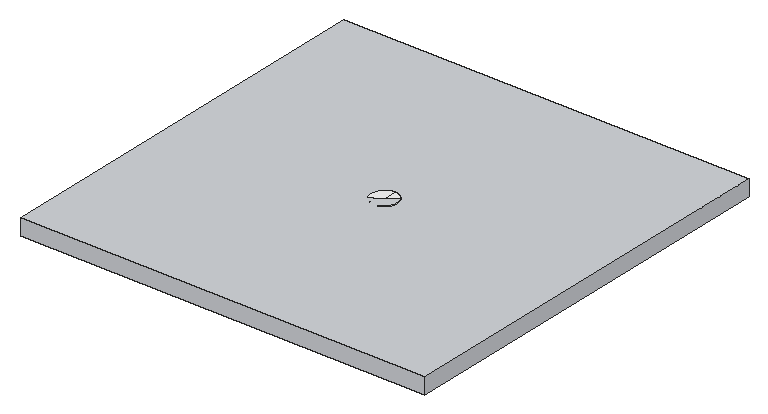
Revit family
Parameters (values of type "6" Strainer - 2" Drain")
  WFU = 0
  URL = "WWW.MIFAB.COM"
  Strainer Radius = Strainer Diameter / 2  # 3.000"
  Strainer Diameter = 6.000"
  Strainer Adjustment [instance] = 1.750"
  Pipe Radius = Pipe Diameter / 2  # 1.000"
  Pipe Diameter = 2.000"
  Model = "F1100-C-T"
  Manufacturer = "MIFAB"
  Floor Drain Material = Paint - Sherwin Williams Paint - #952C2A - Bellwood Red
  Domestic Cold Water Radius = 0.250"
  Description = "FLOOR DRAIN WITH ROUND STRAINER AND SOLID SECURED COVER"
  Default Elevation = 0.000"
  CWFU = 0
  Body Height = 3.375"
  Assembly Code = ""
Types (11): name | Strainer Radius | Strainer Diameter | Pipe Radius | Pipe Diameter | Body Height
  (no name) | 3.000" | 6.000" | 1.000" | 2.000" | 3.375"
  7" Strainer - 2" Drain | 3.500" | 7.000" | 1.000" | 2.000" | 3.375"
  7" Strainer - 3" Drain | 3.500" | 7.000" | 1.500" | 3.000" | 3.375"
  7" Strainer - 4" Drain | 3.500" | 7.000" | 2.000" | 4.000" | 3.375"
  7" Strainer - 5" Drain | 3.500" | 7.000" | 2.500" | 5.000" | 3.375"
  7" Strainer - 6" Drain | 3.500" | 7.000" | 3.000" | 6.000" | 4.750"
  6" Strainer - 2" Drain | 3.000" | 6.000" | 1.000" | 2.000" | 3.375"
  6" Strainer - 3" Drain | 3.000" | 6.000" | 1.500" | 3.000" | 3.375"
  6" Strainer - 4" Drain | 3.000" | 6.000" | 2.000" | 4.000" | 3.375"
  6" Strainer - 5" Drain | 3.000" | 6.000" | 2.500" | 5.000" | 3.375"
  6" Strainer - 6" Drain | 3.000" | 6.000" | 3.000" | 6.000" | 4.750"
Reference planes (in)
  plane 1 "Center (Front/Back)": y = 0
  plane 2: z = 0
  plane 3 "Center (Left/Right)": x = 0
  plane 4: z = -5.125
  plane 5: z = -1.75
  plane 6: z = 0
  plane 7: y = -3
  plane 8: y = 3
  plane 9: y = 4
  plane 10: y = -4
  plane 11: y = -1
  plane 12: y = 1
  plane 13: y = -2.5
  plane 14: z = -1.125
  plane 15: y = 3.33292
  plane 16: y = -3.33292
Forms (in)
  Extrusion 1, solid
    sketch origin (0, 0, 0) x (1, 0, 0) y (0, 1, 0)
      loop
        line (-48, 48) -> (-48, -48) -> (48, -48) -> (48, 48) -> (-48, 48)
    from 0 to -3.81754
  Revolve 2, solid, material "Paint - Sherwin Williams Paint - #952C2A - Bellwood Red" <- "Floor Drain Material"
    sketch origin (0, 0.04396, 0) x (0, 1, 0) y (0, 0, 1)
      loop
        line (-3.13147, -1.75) -> (-4.04396, -1.75) -> (-4.04396, -2.01052) -> (-3.58446, -2.01052) -> (-3.44469, -3.00511) -> (-3.32874, -3.00511) -> (-3.32874, -3.81754) -> (-1.20021, -3.81754) -> (-1.20021, -5.125) -> (-1.04396, -5.125) -> (-1.04396, -3.66404) -> (-3.13147, -3.66404) -> (-3.13147, -1.75)
      axis (-0.04396, -1.75) -> (-0.04396, -5.125)
    angle from 0 to 360
  Revolve 3, solid, material "Paint - Sherwin Williams Paint - #952C2A - Bellwood Red" <- "Floor Drain Material"
    sketch origin (0, 0.15, 0) x (0, 1, 0) y (0, 0, 1)
      loop
        line (-2.45049, -1.75) -> (-2.275, -1.75) -> (-2.275, -0.53072) -> (-2.98292, -0.53072) -> (-2.98292, -0.35) -> (-0.15, -0.35) -> (-0.15, 0) -> (-3.15, 0) -> (-3.15, -0.72266) -> (-2.45049, -0.72266) -> (-2.45049, -1.75)
      axis (-0.15, 0) -> (-0.15, -1.75)
    angle from 0 to 360
  Revolve 4, solid, material "Paint - Sherwin Williams Paint - #952C2A - Bellwood Red" <- "Floor Drain Material"
    sketch origin (3.23224, 3.35604, 1.11719) x (0, 1, 0) y (0, 0, 1)
      loop
        line (-3.29765, -2.32681) -> (-3.62527, -2.32681) -> (-3.62527, -2.50802) -> (-3.72878, -2.50802) -> (-3.72878, -2.55859) -> (-3.46274, -2.55859) -> (-3.46274, -3.64951) -> (-3.29765, -3.64951) -> (-3.29765, -2.32681)
      axis (-3.29765, -2.32681) -> (-3.29765, -3.64951)
    angle from 0 to 360
  Revolve 5, solid, material "Paint - Sherwin Williams Paint - #952C2A - Bellwood Red" <- "Floor Drain Material"
    sketch origin (0, 0, 0) x (1, 0, 0) y (0, 0, 1)
      loop
        line (-4.4739, -2.50781) -> (-2.8927, -2.50781) -> (-2.8927, -2.16402) -> (-3.81457, -2.16402) -> (-3.90837, -2.25781) -> (-4.4739, -2.25781) -> (-4.4739, -2.50781)
      axis (-2.8927, -2.50781) -> (-4.4739, -2.50781)
    angle from 0 to 360
  Revolve 6, solid, material "Paint - Sherwin Williams Paint - #952C2A - Bellwood Red" <- "Floor Drain Material"
    sketch origin (1.2903, -4.47722, 1.11719) x (0.866025, -0.5, 0) y (0, 0, 1)
      loop
        line (-3.29765, -2.32681) -> (-3.62527, -2.32681) -> (-3.62527, -2.50802) -> (-3.72878, -2.50802) -> (-3.72878, -2.55859) -> (-3.46274, -2.55859) -> (-3.46274, -3.64951) -> (-3.29765, -3.64951) -> (-3.29765, -2.32681)
      axis (-3.29765, -2.32681) -> (-3.29765, -3.64951)
    angle from 0 to 360
  Revolve 7, solid, material "Paint - Sherwin Williams Paint - #952C2A - Bellwood Red" <- "Floor Drain Material"
    sketch origin (-4.52254, 1.12118, 1.11719) x (-0.866025, -0.5, 0) y (0, 0, 1)
      loop
        line (-3.29765, -2.32681) -> (-3.62527, -2.32681) -> (-3.62527, -2.50802) -> (-3.72878, -2.50802) -> (-3.72878, -2.55859) -> (-3.46274, -2.55859) -> (-3.46274, -3.64951) -> (-3.29765, -3.64951) -> (-3.29765, -2.32681)
      axis (-3.29765, -2.32681) -> (-3.29765, -3.64951)
    angle from 0 to 360
  Revolve 8, solid, material "Paint - Sherwin Williams Paint - #952C2A - Bellwood Red" <- "Floor Drain Material"
    sketch origin (0, 0, 0) x (0, 1, 0) y (0, 0, 1)
      loop
        line (-4, -1.75) -> (-2.30049, -1.75) -> (-2.30049, -0.7509) -> (-2.42163, -0.7509) -> (-2.42163, -1.44141) -> (-4, -1.44141) -> (-4, -1.75)
      axis (0, -0.7509) -> (0, -1.75)
    angle from 0 to 360
Cuts and joins
  joined: Revolve 2, Revolve 5
Lines and regions (in)
  symbolic lines
    curve 1: circle (0, 0, 0) r 4 normal (0, 0, 1)
    curve 2: line (-4.4739, 0.25, 0) -> (-3.99218, 0.25, 0)
    curve 3: line (-4.4739, 0.25, 0) -> (-4.4739, -0.25, 0)
    curve 4: line (-4.4739, -0.25, 0) -> (-3.99218, -0.25, 0)
Dimensions and locks (in)
  "Body Height": plane 5 to plane 4
  "Strainer Adjustment": plane 6 to plane 5
  equal spacing: plane 8, plane 1 "Center (Front/Back)", plane 7
  equal spacing: plane 9, plane 1 "Center (Front/Back)", plane 10
  plane 9 to plane 10 = 8.000"
  equal spacing: Revolve 2, Revolve 5 sketch curve, Revolve 2
  equal spacing: plane 12, plane 1 "Center (Front/Back)", plane 11
  "Pipe Diameter": plane 12 to plane 11
  "Pipe Radius": plane 1 "Center (Front/Back)" to plane 11
  "Strainer Radius": plane 1 "Center (Front/Back)" to plane 7
  plane 8 to plane 7 = 6.000"
  Revolve 3 sketch curve to Revolve 3 sketch curve to Revolve 3 sketch curve to plane 7 = 0.17549" locked, 0.53243" locked, 0.16708" locked
  locked: plane 11 to Revolve 2 sketch curve at 0.15625
  plane 1 "Center (Front/Back)" to Revolve 2 sketch curve to Revolve 2 sketch curve to Revolve 2 sketch curve to Revolve 2 sketch curve = 3.08751" locked, 0.19727" locked, 0.11595" locked, 0.13977" locked
  Extrusion 1 to Revolve 3 sketch curve to Revolve 3 sketch curve to Revolve 3 sketch curve = 0.350", 0.18072", 0.19193"
  aligned and locked: plane 2 to Extrusion 1
  aligned and locked: level to Extrusion 1
  aligned and locked: plane 5 to Revolve 2 sketch curve
  aligned and locked: Revolve 3 sketch curve to plane 1 "Center (Front/Back)"
  aligned and locked: plane 10 to Revolve 2 sketch curve
  aligned and locked: Extrusion 1 to plane 6
  aligned and locked: Revolve 2 to Revolve 3
  aligned and locked: plane 10 to Revolve 8 sketch curve  (x2)
  aligned and locked: Revolve 3 to Revolve 8 sketch curve
  aligned and locked: Revolve 8 to Revolve 2
  aligned and locked: Revolve 8 to Revolve 7
  aligned and locked: Revolve 8 to Revolve 6
  aligned and locked: Revolve 8 to Revolve 4
  aligned and locked: plane 7 to Revolve 3 sketch curve
  aligned and locked: Revolve 2 sketch curve to plane 11
  aligned and locked: plane 1 "Center (Front/Back)" to Revolve 3 sketch curve
Automatic sketch dimensions
  Extrusion 1 sketch curve to Extrusion 1 sketch curve = 96.000"  (x2)
  Revolve 4 sketch curve to Revolve 4 sketch curve = 0.26604"
  Revolve 4 sketch curve to Revolve 4 sketch curve = 0.16253"
  Revolve 4 sketch curve to Revolve 4 sketch curve = 0.32762"
  Revolve 4 sketch curve to Revolve 4 sketch curve = 0.000"  (x3)
  Revolve 4 sketch curve to Revolve 4 sketch curve = 1.09092"
  Revolve 4 sketch curve to Revolve 4 sketch curve = 0.05057"
  Revolve 4 sketch curve to Revolve 4 sketch curve = 0.18121"
  Revolve 5 sketch curve to plane 3 "Center (Left/Right)" = 4.4739"
  Revolve 5 sketch curve to Revolve 5 sketch curve = 0.56553"
  Revolve 5 sketch curve to Revolve 5 sketch curve = 0.09379"
  Revolve 5 sketch curve to Revolve 5 sketch curve = 0.22507"
  Revolve 5 sketch curve to Revolve 5 sketch curve = 0.7906"
  Revolve 5 sketch curve to Revolve 5 sketch curve = 0.000"  (x2)
  Revolve 5 sketch curve to Revolve 5 sketch curve = 0.250"
  Revolve 5 sketch curve to Revolve 5 sketch curve = 0.34379"
  Revolve 6 sketch curve to Revolve 6 sketch curve = 0.26604"
  Revolve 6 sketch curve to Revolve 6 sketch curve = 0.16253"
  Revolve 6 sketch curve to Revolve 6 sketch curve = 0.32762"
  Revolve 6 sketch curve to Revolve 6 sketch curve = 0.000"  (x3)
  Revolve 6 sketch curve to Revolve 6 sketch curve = 1.09092"
  Revolve 6 sketch curve to Revolve 6 sketch curve = 0.05057"
  Revolve 6 sketch curve to Revolve 6 sketch curve = 0.18121"
  Revolve 7 sketch curve to Revolve 7 sketch curve = 0.26604"
  Revolve 7 sketch curve to Revolve 7 sketch curve = 0.16253"
  Revolve 7 sketch curve to Revolve 7 sketch curve = 0.32762"
  Revolve 7 sketch curve to Revolve 7 sketch curve = 0.000"  (x3)
  Revolve 7 sketch curve to Revolve 7 sketch curve = 1.09092"
  Revolve 7 sketch curve to Revolve 7 sketch curve = 0.05057"
  Revolve 7 sketch curve to Revolve 7 sketch curve = 0.18121"
  Revolve 8 sketch curve to plane 1 "Center (Front/Back)" = 0.000"
  Revolve 8 sketch curve to Revolve 8 sketch curve = 0.12113"
  Revolve 8 sketch curve to level = 1.750"
  Revolve 8 sketch curve to Revolve 8 sketch curve = 0.30859"
  Revolve 8 sketch curve to level = 1.83769"
  Revolve 8 sketch curve to Revolve 8 sketch curve = 0.69051"
  level to Revolve 8 sketch curve = 0.91231"
  Revolve 2 sketch curve to plane 4 = 0.000"  (x2)
  Revolve 2 sketch curve to plane 1 "Center (Front/Back)" = 0.000"
  Revolve 2 sketch curve to Revolve 2 sketch curve = 1.30746"
  Revolve 2 sketch curve to Revolve 2 sketch curve = 0.1535"
  Revolve 2 sketch curve to Revolve 2 sketch curve = 0.65892"
  Revolve 2 sketch curve to plane 5 = 0.26052"
  Revolve 2 sketch curve to plane 5 = 0.250"
  Revolve 3 sketch curve to level = 0.000"
  plane 14 to Revolve 3 sketch curve = 0.625"
  Revolve 3 sketch curve to Revolve 3 sketch curve = 1.19115"
  Revolve 3 sketch curve to plane 14 = 0.3696"
  plane 1 "Center (Front/Back)" to Revolve 4 sketch curve = 0.37274"
  Revolve 4 sketch curve to level = 2.53233"
  Revolve 6 sketch curve to level = 1.39084"
  Revolve 7 sketch curve to level = 1.39084"
  plane 1 "Center (Front/Back)" to curve 1 = 0.000"
  curve 1 to plane 3 "Center (Left/Right)" = 0.000"
  plane 1 "Center (Front/Back)" to curve 4 = 0.250"
  curve 4 to plane 3 "Center (Left/Right)" = 3.99218"
  curve 2 to curve 4 = 0.000"
  curve 3 to curve 4 = 0.48172"
Connectors (in)
  piping at (0, 0, -5.125), driven by "Pipe Radius", driven by "WFU"
    settings: on Revolve 2, index 2, connector radius 1", flow factor 0, pipe flow 0 GPM, pressure drop 0.00 psi, fitting loss kfactor 0, connector angle 0.00°, fixture units 0, flow configuration 3, flow direction 2, fitting loss method 0, system type 16, connector reference index -1, connector utility 0, adjustable connector no, is connector primary yes, fitting loss table "", connector description "Sanitary Out"
  piping at (-4.4739, 0, -2.50781), driven by "Domestic Cold Water Radius", driven by "CWFU"
    settings: on Revolve 5, index 3, connector radius 1/4", flow factor 0, pipe flow 0 GPM, pressure drop 0.00 psi, fitting loss kfactor 0, connector angle 0.00°, fixture units 0, flow configuration 3, flow direction 1, fitting loss method 0, system type 20, connector reference index -1, connector utility 0, adjustable connector no, is connector primary no, fitting loss table "", connector description "Domestic Cold Water In"
